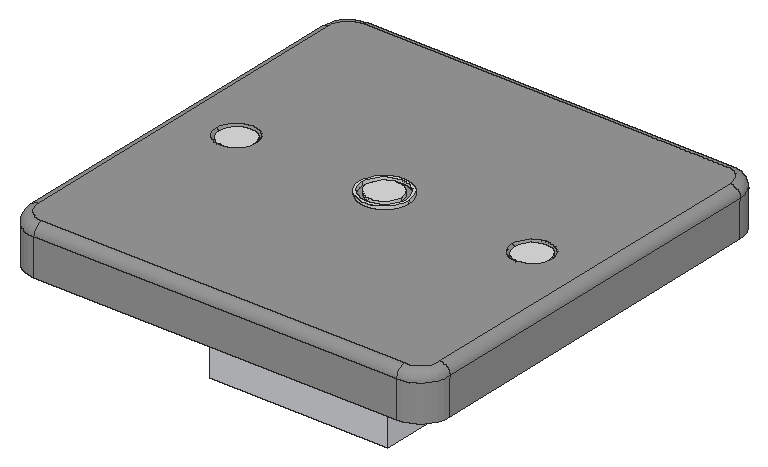
Revit family "ElectricalFixture_WiringAccessories_Hager_Sollyster_TV&Satellite", category Electrical Fixtures, host Face, Revit 2015
Parameters (values of type "WMTVF")
  Warranty ID = ""
  Voltage (Volts) = "230V/240V"
  Unique Reference = "WMTVF"
  Type = "ElectricalFixture"
  Triplexer = no
  Technical Description = Description  # "SingleCo-axTVSocketOutletFemale"
  Switch = no
  Supply Phase = "1"
  Size = ""
  Single = yes
  Shipping Weight kg = "0.188"
  Shape = "Rectangular"
  Reference Standard = "BS 1363-2"
  Quadplexer = no
  Product URL = "http://www.hager.co.uk/product-catalogue/wiring-accessories/sollysta/white-moulded/white-moulded-telephone-tv-data/58360.htm"
  Product Range = "Sollysta"
  Product Model Number = "WMTVF"
  Product Literature = "http://www.hager.co.uk/product-catalogue/wiring-accessories/sollysta/38662.htm"
  Product Group = "WiringAccessories"
  Product Family = "WhiteMouldedTelephone_TV&Satellite"
  Packaging Recyclable = yes
  Overall Width = Overall Length  # 86.0 mm
  Overall Length = 86.0 mm
  Overall Height = 86.0 mm
  Overall Depth = 26.07 mm
  Operation and Maintenance Manual = ""
  Name = "WhiteMouldedTelephone_TV&Satellite_WMTVF"
  Measurement Units = "mm"
  Material = Urea Formaldehyde Thermoset Plastic
  Manufacturer Website = "http://www.hager.co.uk/"
  Manufacturer Country = "United Kingdom"
  Manufacturer = "Hager"
  LED Indicator Switch = no
  Gross Weight kg = "0.165"
  Frequency = "50/60Hz"
  Flex Outlet = no
  Finish = "Gloss"
  Features = Description  # "SingleCo-axTVSocketOutletFemale"
  Extrusion From Wall = 11.921 mm
  Expected Life = "25 years"
  EAN Code = "5015652261674"
  Double = no
  Design Country = "China"
  Description = "SingleCo-axTVSocketOutletFemale"
  Default Elevation = 1219.2 mm
  Colour = "SollystaWhite"
  CE Approval = yes
Types (6, lengths in mm): name | Unique Reference | Triplexer | Technical Description | Single | Quadplexer | Product Model Number | Name | Features | EAN Code | Double | Description
  WMSAT | "WMSAT" | no | "SingleFTypeSatelliteOutletScreened" | yes | no | "WMSAT" | "WhiteMouldedTelephone_TV&Satellite_WMSAT" | "SingleFTypeSatelliteOutletScreened" | "5015652261711" | no | "SingleFTypeSatelliteOutletScreened"
  WMTVM | "WMTVM" | no | "SingleCo-axTVSocketOutletMale" | yes | no | "WMTVM" | "WhiteMouldedTelephone_TV&Satellite_WMTVM" | "SingleCo-axTVSocketOutletMale" | "5015652261667" | no | "SingleCo-axTVSocketOutletMale"
  WMTVF | "WMTVF" | no | "SingleCo-axTVSocketOutletFemale" | yes | no | "WMTVF" | "WhiteMouldedTelephone_TV&Satellite_WMTVF" | "SingleCo-axTVSocketOutletFemale" | "5015652261674" | no | "SingleCo-axTVSocketOutletFemale"
  WMDX | "WMDX" | no | "DoubleTV&FM/DABCo-axSocketOutlet" | no | no | "WMDX" | "WhiteMouldedTelephone_TV&Satellite_WMDX" | "DoubleTV&FM/DABCo-axSocketOutlet" | "5015652261681" | yes | "DoubleTV&FM/DABCo-axSocketOutlet"
  WMTX | "WMTX" | yes | "TriplexerTV/FM/SATOutlet" | no | no | "WMTX" | "WhiteMouldedTelephone_TV&Satellite_WMTX" | "TriplexerTV/FM/SATOutlet" | "5015652261698" | yes | "TriplexerTV/FM/SATOutlet"
  WMQX | "WMQX" | no | "QuadplexerTVFM/DABSatellite1&Satellite2Outlet" | no | yes | "WMQX" | "WhiteMouldedTelephone_TV&Satellite_WMQX" | "QuadplexerTVFM/DABSatellite1&Satellite2Outlet" | "5015652261704" | yes | "QuadplexerTVFM/DABSatellite1&Satellite2Outlet"
Reference planes
  plane 1 "Center (Front/Back)": y = 0
  plane 2: z = 0
  plane 3 "Center (Left/Right)": x = 0
  plane 4: y = -43
  plane 5: y = 43
  plane 6: x = -137
  plane 7: x = -51
  plane 8: z = 9.47
  plane 9: z = -16.6
  plane 10: z = 11.921
  plane 11: y = -471.393
  plane 12: z = -20.53
  plane 13: x = -124.15
  plane 14: x = -63.85
  plane 15: x = -94
Forms (mm)
  Extrusion 1, solid, material "Urea Formaldehyde Thermoset Plastic", detail levels fine
    sketch origin (0, 0, 0) x (1, 0, 0) y (0, 1, 0)
      loop
        arc (-137, -37.005) -> (-135.244, -41.244) -> (-131.005, -43) r 5.995
        line (-131.005, -43) -> (-57.017, -43)
        arc (-57.017, -43) -> (-52.762, -41.238) -> (-51, -36.983) r 6.017
        line (-51, -36.983) -> (-51, 37.035)
        arc (-51, 37.035) -> (-52.747, 41.253) -> (-56.965, 43) r 5.965
        line (-56.965, 43) -> (-131.018, 43)
        arc (-131.018, 43) -> (-135.248, 41.248) -> (-137, 37.018) r 5.982
        line (-137, 37.018) -> (-137, -37.005)
      loop
        circle (-124.15, 0) r 3.228
      loop
        circle (-63.85, 0) r 3.228
    from 0 to 9.47
  Sweep 2, void
    path origin (0, 0, 0) x (1, 0, 0) y (0, 1, 0)
      loop
        line (-137, 37.018) -> (-137, -37.005)
        arc (-137, -37.005) -> (-135.244, -41.244) -> (-131.005, -43) r 5.995
        line (-131.005, -43) -> (-57.017, -43)
        arc (-57.017, -43) -> (-52.762, -41.238) -> (-51, -36.983) r 6.017
        line (-51, -36.983) -> (-51, 37.035)
        arc (-51, 37.035) -> (-52.747, 41.253) -> (-56.965, 43) r 5.965
        line (-56.965, 43) -> (-131.018, 43)
        arc (-131.018, 43) -> (-135.248, 41.248) -> (-137, 37.018) r 5.982
    profile origin (-137, 0.007, 0) x (1, 0, 0) y (0, 0, 1)
      loop
        line (0, 9.47) -> (0, 7.462)
        arc (0, 7.462) -> (0.588, 8.882) -> (2.008, 9.47) r 2.008
        line (2.008, 9.47) -> (0, 9.47)
  Sweep 3, void
    path origin (0, 0, 0) x (1, 0, 0) y (0, 1, 0)
      loop
        circle (-63.85, 0) r 3.228
    profile origin (-63.85, 3.228, 0) x (0, -1, 0) y (0, 0, 1)
      loop
        line (0, 9.47) -> (-0.814, 9.47)
        arc (-0.814, 9.47) -> (-0.347, 9.123) -> (0, 8.656) r 2
        line (0, 8.656) -> (0, 9.47)
  Sweep 4, void
    path origin (0, 0, 0) x (1, 0, 0) y (0, 1, 0)
      loop
        circle (-124.15, 0) r 3.228
    profile origin (-124.15, 3.228, 0) x (0, 1, 0) y (0, 0, 1)
      loop
        line (0, 9.47) -> (0, 8.656)
        arc (0, 8.656) -> (0.346, 9.124) -> (0.814, 9.47) r 1.964
        line (0.814, 9.47) -> (0, 9.47)
  Extrusion 5, solid, material "Steel, Chrome Plated", detail levels fine
    sketch origin (0, 0, 0) x (1, 0, 0) y (0, 1, 0)
      loop
        circle (-124.15, 0) r 3.542
    from -1.167 to 9.196
  Extrusion 6, solid, material "Steel, Chrome Plated", detail levels fine
    sketch origin (0, 0, 0) x (-1, 0, 0) y (0, -1, 0)
      loop
        circle (63.85, 0) r 3.542
    from -1.167 to 9.196
  Extrusion 7, solid, material "Urea Formaldehyde Thermoset Plastic", detail levels medium
    sketch origin (0, 0, 0) x (1, 0, 0) y (0, 1, 0)
      loop
        line (-137, 43) -> (-137, -43) -> (-51, -43) -> (-51, 43) -> (-137, 43)
    from 0 to 9.47
  Extrusion 8, solid, material "Urea Formaldehyde Thermoset Plastic", detail levels medium
    sketch origin (0, 0, 0) x (1, 0, 0) y (0, 1, 0)
      loop
        line (-137, -43) -> (-51, -43) -> (-51, 43) -> (-137, 43) -> (-137, -43)
    from 0 to 9.47
  Extrusion 9, solid, material "Steel, Chrome Plated", visible <- "Single", detail levels fine
    sketch origin (0, 0, 0) x (1, 0, 0) y (0, 1, 0)
      loop
        circle (-94, 0) r 5
      loop
        circle (-94, 0) r 4.5
      loop
        circle (-94, 0) r 3.5
    from 6.14 to 10
  Extrusion 10, solid, material "Steel, Chrome Plated", visible <- "Double", detail levels fine
    sketch origin (-15, 0, 0) x (1, 0, 0) y (0, 1, 0)
      loop
        circle (-94, 0) r 5
      loop
        circle (-94, 0) r 4.5
      loop
        circle (-94, 0) r 3.5
    from 6.14 to 10
  Extrusion 11, solid, material "Steel, Chrome Plated", visible <- "Double", detail levels fine
    sketch origin (-173, 0, 0) x (-1, 0, 0) y (0, -1, 0)
      loop
        circle (-94, 0) r 5
      loop
        circle (-94, 0) r 4.5
      loop
        circle (-94, 0) r 3.5
    from 6.14 to 10
  Extrusion 12, solid, material "Steel, Chrome Plated", visible <- "Triplexer", detail levels fine
    sketch origin (0, 15, 0) x (1, 0, 0) y (0, 1, 0)
      loop
        circle (-94, 0) r 3.5
    from 6.14 to 10
  Extrusion 13, solid, material "Steel, Chrome Plated", visible <- "Quadplexer", detail levels fine
    sketch origin (-9.993, 15, 0) x (1, 0, 0) y (0, 1, 0)
      loop
        circle (-94, 0) r 3.5
    from 6.14 to 10
  Extrusion 14, solid, material "Steel, Chrome Plated", visible <- "Quadplexer", detail levels fine
    sketch origin (-178.007, 15, 0) x (-1, 0, 0) y (0, -1, 0)
      loop
        circle (-94, 0) r 3.5
    from 6.14 to 10
  Extrusion 15, solid, detail levels medium+fine
    sketch origin (0, 0, 0) x (1, 0, 0) y (0, 1, 0)
      loop
        line (-111.644, 22.574) -> (-111.644, -22.426) -> (-75.261, -22.426) -> (-75.261, 22.574) -> (-111.644, 22.574)
    from -20.53 to 0
Cuts and joins
  Sweep 2, Sweep 3, Sweep 4 cuts Extrusion 1
Lines and regions (mm)
  symbolic lines, style "ElectricalFixtures", not visible, detail levels coarse
    curve 1: line (73.42, -504.912, 19.451) -> (3.42, -504.912, 19.451)
    curve 2: arc (73.42, -504.912, 19.451) -> (38.42, -504.912, 54.451) -> (3.42, -504.912, 19.451) r 35
    curve 3: circle (38.42, -504.912, 54.451) r 6 normal (0, 1, 0)
    curve 4: line (38.42, -504.912, 54.451) -> (38.42, -504.912, 99.451)
    curve 5: line (38.42, -504.912, 99.451) -> (68.42, -504.912, 99.451)
    curve 6: line (38.42, -504.912, 54.451) -> (10.78, -504.912, 87.391)
    curve 7: line (10.78, -504.912, 87.391) -> (-3.315, -504.912, 75.564)
    curve 8: line (0.509, -504.912, 19.451) -> (-69.491, -504.912, 19.451)
    curve 9: arc (0.509, -504.912, 19.451) -> (-34.491, -504.912, 54.451) -> (-69.491, -504.912, 19.451) r 35
    curve 10: circle (-34.491, -504.912, 54.451) r 6 normal (0, 1, 0)
    curve 11: line (-34.491, -504.912, 54.451) -> (-34.491, -504.912, 99.451)
    curve 12: line (-34.491, -504.912, 99.451) -> (-4.491, -504.912, 99.451)
    curve 13: line (-34.491, -504.912, 54.451) -> (-62.13, -504.912, 87.391)
    curve 14: line (-62.13, -504.912, 87.391) -> (-76.226, -504.912, 75.564)
  model lines, detail levels coarse
    curve 15: line (-137, 43, 0) -> (-51, 43, 0)
    curve 16: line (-137, -43, 0) -> (-137, 43, 0)
    curve 17: line (-51, -43, 0) -> (-137, -43, 0)
    curve 18: line (-51, 43, 0) -> (-51, -43, 0)
    curve 19: arc (-120.108, 0, 0) -> (-124.15, -4.042, 0) -> (-128.192, 0, 0) r 4.042
    curve 20: arc (-128.192, 0, 0) -> (-124.15, 4.042, 0) -> (-120.108, 0, 0) r 4.042
    curve 21: arc (-59.808, 0, 0) -> (-63.85, -4.042, 0) -> (-67.892, 0, 0) r 4.042
    curve 22: arc (-67.892, 0, 0) -> (-63.85, 4.042, 0) -> (-59.808, 0, 0) r 4.042
  model lines, visible <- "Double"
    curve 23: arc (-114, 0, 0) -> (-109, -5, 0) -> (-104, 0, 0) r 5
    curve 24: arc (-104, 0, 0) -> (-109, 5, 0) -> (-114, 0, 0) r 5
    curve 35: arc (-84, 0, 0) -> (-79, -5, 0) -> (-74, 0, 0) r 5
    curve 36: arc (-74, 0, 0) -> (-79, 5, 0) -> (-84, 0, 0) r 5
    curve 37: arc (-75.5, 0, 0) -> (-79, 3.5, 0) -> (-82.5, 0, 0) r 3.5
    curve 38: arc (-82.5, 0, 0) -> (-79, -3.5, 0) -> (-75.5, 0, 0) r 3.5
    curve 39: arc (-112.5, 0, 0) -> (-109, -3.5, 0) -> (-105.5, 0, 0) r 3.5
    curve 40: arc (-105.5, 0, 0) -> (-109, 3.5, 0) -> (-112.5, 0, 0) r 3.5
  model lines, visible <- "Quadplexer"
    curve 25: arc (-107.493, 15, 0) -> (-103.993, 11.5, 0) -> (-100.493, 15, 0) r 3.5
    curve 26: arc (-100.493, 15, 0) -> (-103.993, 18.5, 0) -> (-107.493, 15, 0) r 3.5
    curve 29: arc (-87.507, 15, 0) -> (-84.007, 11.5, 0) -> (-80.507, 15, 0) r 3.5
    curve 30: arc (-80.507, 15, 0) -> (-84.007, 18.5, 0) -> (-87.507, 15, 0) r 3.5
  model lines, visible <- "Triplexer"
    curve 27: arc (-97.5, 15, 0) -> (-94, 11.5, 0) -> (-90.5, 15, 0) r 3.5
    curve 28: arc (-90.5, 15, 0) -> (-94, 18.5, 0) -> (-97.5, 15, 0) r 3.5
  model lines, visible <- "Single"
    curve 31: arc (-99, 0, 0) -> (-94, -5, 0) -> (-89, 0, 0) r 5
    curve 32: arc (-89, 0, 0) -> (-94, 5, 0) -> (-99, 0, 0) r 5
    curve 33: arc (-90.5, 0, 0) -> (-94, 3.5, 0) -> (-97.5, 0, 0) r 3.5
    curve 34: arc (-97.5, 0, 0) -> (-94, -3.5, 0) -> (-90.5, 0, 0) r 3.5
  symbolic lines
    curve 41: line (-128.178, -504.912, 33.371) -> (-81.935, -504.912, 33.371)
    curve 42: line (-81.935, -504.912, 33.371) -> (-63.85, -504.912, 43.395)
    curve 43: line (-63.85, -504.912, 43.395) -> (-63.85, -504.912, 22.531)
    curve 44: line (-63.85, -504.912, 22.531) -> (-81.935, -504.912, 33.371)
    curve 45: line (-93.115, -504.912, 26.336) -> (-93.115, -504.912, 41.336)
  symbolic lines, not visible
    curve 46: line (-128.178, -504.912, 33.371) -> (-81.935, -504.912, 33.371)
    curve 47: line (-81.935, -504.912, 33.371) -> (-63.85, -504.912, 43.395)
    curve 48: line (-63.85, -504.912, 43.395) -> (-63.85, -504.912, 22.531)
    curve 49: line (-63.85, -504.912, 22.531) -> (-81.935, -504.912, 33.371)
    curve 50: line (-93.115, -504.912, 26.336) -> (-93.115, -504.912, 41.336)
Dimensions and locks
  plane 10 to plane 9 = 28.521 mm
  plane 8 to plane 9 = 26.07 mm
  plane 2 to plane 9 = 16.6 mm
  "Overall Length": plane 6 to plane 7
  "Overall Height": plane 4 to plane 5
  "Overall Depth": plane 9 to plane 8
  plane 2 to plane 10 = 11.921 mm
  plane 8 to plane 12 = 30.0 mm
  aligned and locked: plane 2 to host face
  aligned and locked: level to host face
  aligned and locked: Extrusion 1 to plane 8
  aligned and locked: Extrusion 7 to plane 8
  aligned and locked: Extrusion 8 to plane 8
  aligned and locked: Extrusion 8 to level
  aligned and locked: curve 23 to Extrusion 10
  aligned and locked: curve 24 to Extrusion 10
  aligned and locked: curve 25 to Extrusion 13
  aligned and locked: curve 26 to Extrusion 13
  aligned and locked: curve 27 to Extrusion 12
  aligned and locked: curve 28 to Extrusion 12
  aligned and locked: curve 29 to Extrusion 14
  aligned and locked: curve 30 to Extrusion 14
  aligned and locked: curve 31 to Extrusion 9
  aligned and locked: curve 32 to Extrusion 9
  aligned and locked: curve 33 to Extrusion 9
  aligned and locked: curve 34 to Extrusion 9
  aligned and locked: curve 35 to Extrusion 11
  aligned and locked: curve 36 to Extrusion 11
  aligned and locked: curve 37 to Extrusion 11
  aligned and locked: curve 38 to Extrusion 11
  aligned and locked: curve 39 to Extrusion 10
  aligned and locked: curve 40 to Extrusion 10
Automatic sketch dimensions
  host sketch curve to host sketch curve = 2438.4 mm  (x2)
  Extrusion 1 sketch curve to plane 6 = 0.0 mm
  plane 5 to Extrusion 1 sketch curve = 0.0 mm
  plane 4 to Extrusion 1 sketch curve = 0.0 mm
  plane 1 "Center (Front/Back)" to Extrusion 1 sketch curve = 0.0 mm  (x2)
  Extrusion 1 sketch curve to plane 13 = 0.0 mm
  Extrusion 1 sketch curve to plane 14 = 0.0 mm
  plane 6 to Extrusion 1 sketch curve = 5.982 mm
  Extrusion 1 sketch curve to plane 4 = 5.995 mm
  Extrusion 1 sketch curve to plane 7 = 6.017 mm
  Extrusion 1 sketch curve to plane 7 = 5.965 mm
  plane 7 to Extrusion 1 sketch curve = 0.0 mm
  Sweep 2 sketch curve to plane 6 = 0.0 mm
  plane 5 to Sweep 2 sketch curve = 0.0 mm
  plane 4 to Sweep 2 sketch curve = 0.0 mm
  Sweep 2 sketch curve to Sweep 2 sketch curve = 5.982 mm
  plane 6 to Sweep 2 sketch curve = 5.995 mm
  Sweep 2 sketch curve to plane 7 = 6.017 mm
  Sweep 2 sketch curve to plane 7 = 5.965 mm
  plane 7 to Sweep 2 sketch curve = 0.0 mm
  profile plane to Sweep 2 sketch curve = 0.0 mm
  Sweep 2 sketch curve to Sweep 2 sketch curve = 2.008 mm
  level to Sweep 2 sketch curve = 7.462 mm
  plane 1 "Center (Front/Back)" to Sweep 3 sketch curve = 0.0 mm
  Sweep 3 sketch curve to plane 14 = 0.0 mm
  Sweep 3 sketch curve to profile plane = 0.0 mm
  Sweep 3 sketch curve to Sweep 3 sketch curve = 0.814 mm
  profile plane to Sweep 3 sketch curve = 1.761 mm
  level to Sweep 3 sketch curve = 7.709 mm
  Sweep 3 sketch curve to Sweep 3 sketch curve = 0.947 mm
  Sweep 4 sketch curve to Sweep 4 sketch curve = 0.0 mm  (x2)
  plane 1 "Center (Front/Back)" to Sweep 4 sketch curve = 0.0 mm
  Sweep 4 sketch curve to plane 13 = 0.0 mm
  Sweep 4 sketch curve to plane 13 = 3.228 mm
  Sweep 4 sketch curve to profile plane = 0.0 mm
  Sweep 4 sketch curve to profile plane = 0.814 mm
  Sweep 4 sketch curve to profile plane = 1.735 mm
  level to Sweep 4 sketch curve = 7.735 mm
  Sweep 4 sketch curve to Sweep 4 sketch curve = 0.921 mm
  Extrusion 5 sketch curve to Extrusion 5 sketch curve = 0.0 mm  (x2)
  plane 1 "Center (Front/Back)" to Extrusion 5 sketch curve = 0.0 mm
  Extrusion 5 sketch curve to plane 13 = 0.0 mm
  Extrusion 5 sketch curve to plane 13 = 3.542 mm
  Extrusion 6 sketch curve to Extrusion 6 sketch curve = 0.0 mm  (x2)
  plane 1 "Center (Front/Back)" to Extrusion 6 sketch curve = 0.0 mm
  plane 14 to Extrusion 6 sketch curve = 0.0 mm
  Extrusion 6 sketch curve to plane 14 = 3.542 mm
  plane 4 to Extrusion 7 sketch curve = 0.0 mm
  Extrusion 7 sketch curve to plane 6 = 0.0 mm
  Extrusion 7 sketch curve to plane 7 = 0.0 mm
  plane 5 to Extrusion 7 sketch curve = 0.0 mm
  plane 5 to Extrusion 8 sketch curve = 0.0 mm
  Extrusion 8 sketch curve to plane 6 = 0.0 mm
  Extrusion 8 sketch curve to plane 7 = 0.0 mm
  plane 4 to Extrusion 8 sketch curve = 0.0 mm
  plane 4 to curve 17 = 0.0 mm
  curve 17 to plane 6 = 0.0 mm
  plane 1 "Center (Front/Back)" to curve 19 = 0.0 mm
  curve 20 to plane 13 = 0.0 mm
  plane 1 "Center (Front/Back)" to curve 21 = 0.0 mm
  curve 22 to plane 14 = 0.0 mm
  curve 17 to plane 7 = 0.0 mm
  plane 5 to curve 16 = 0.0 mm
  curve 19 to plane 13 = 4.042 mm
  curve 21 to curve 21 = 4.042 mm
  Extrusion 9 sketch curve to Extrusion 9 sketch curve = 0.0 mm  (x6)
  plane 1 "Center (Front/Back)" to Extrusion 9 sketch curve = 0.0 mm
  Extrusion 9 sketch curve to plane 15 = 0.0 mm
  Extrusion 10 sketch curve to Extrusion 10 sketch curve = 0.0 mm  (x6)
  plane 1 "Center (Front/Back)" to Extrusion 10 sketch curve = 0.0 mm
  plane 15 to Extrusion 10 sketch curve = 15.0 mm
  Extrusion 11 sketch curve to Extrusion 11 sketch curve = 0.0 mm  (x6)
  plane 1 "Center (Front/Back)" to Extrusion 11 sketch curve = 0.0 mm
  Extrusion 11 sketch curve to plane 15 = 15.0 mm
  plane 15 to Extrusion 13 sketch curve = 9.993 mm
  Extrusion 13 sketch curve to plane 1 "Center (Front/Back)" = 15.0 mm
  Extrusion 14 sketch curve to plane 15 = 9.993 mm
  Extrusion 14 sketch curve to plane 1 "Center (Front/Back)" = 15.0 mm
  Extrusion 12 sketch curve to plane 15 = 0.0 mm
  Extrusion 12 sketch curve to plane 1 "Center (Front/Back)" = 15.0 mm
  plane 13 to Extrusion 15 sketch curve = 12.506 mm
  Extrusion 15 sketch curve to plane 14 = 11.411 mm
  Extrusion 15 sketch curve to plane 4 = 20.574 mm
  plane 5 to Extrusion 15 sketch curve = 20.426 mm
  radius of Extrusion 1 sketch curve = 3.228 mm  (x2)
  radius of Sweep 3 sketch curve = 3.228 mm
  radius of Extrusion 9 sketch curve = 5.0 mm
  radius of Extrusion 9 sketch curve = 4.5 mm
  radius of Extrusion 9 sketch curve = 3.5 mm
  radius of Extrusion 10 sketch curve = 5.0 mm
  radius of Extrusion 10 sketch curve = 4.5 mm
  radius of Extrusion 10 sketch curve = 3.5 mm
  radius of Extrusion 11 sketch curve = 5.0 mm
  radius of Extrusion 11 sketch curve = 4.5 mm
  radius of Extrusion 11 sketch curve = 3.5 mm
  radius of Extrusion 12 sketch curve = 3.5 mm
  radius of Extrusion 13 sketch curve = 3.5 mm
  radius of Extrusion 14 sketch curve = 3.5 mm
Connectors
  electrical at (-94.001, 0.008, 0)
    settings: on cut or joined group of Extrusion 1, Sweep 2, Sweep 3, Sweep 4, index 1, voltage 230 V, apparent load 0 VA, apparent load phase1 0 VA, apparent load phase2 0 VA, apparent load phase3 0 VA, power factor 1, load classification "Other", number of poles 1, system type 31, power factor state 1, is connector primary yes, connector utility no, sub classification motor no, connector description ""
